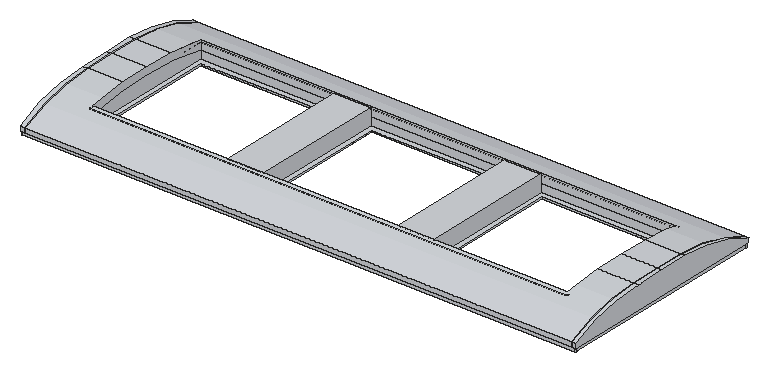
Revit family "Gira_0213808", category Electrical Fixtures, host Face, Revit 2017
Family settings
  Host = Face
  Maintain Annotation Orientation = No
  Round Connector Dimension = Use Diameter
  Part Type = Normal
  Cut with Voids When Loaded = No
  Shared = No
  Room Calculation Point = No
Parameters (values of type "Abdeckrahmen 3f Zwischenr. AN Gira Event Reinweiß")
  Werkstoffgüte = "Thermoplast"
  Werkstoff = "Kunststoff"
  URL = "http://katalog.gira.de/de_DE/datenblatt.html?artikelnr=0213808"
  Transparent = "No"
  Textfeld/Beschriftungsfläche = "No"
  Schutzart (IP) = "IP20"
  Region = "DE"
  Oberfläche = "sonstige"
  Name = "Abdeckrahmen 3f Zwischenr. AN Gira Event Reinweiß"
  Montagerichtung = "horizontal und vertikal"
  Mit Montagerahmen = "No"
  Mit Klappdeckel = "No"
  Manufacturer URL = "https://www.gira.de/"
  Keynote = "Event_Rahmen_3fach"
  HeinzeBIM = "https://bimportal.heinze.de/bim/abdeckrahmen-3f-zwischenr-an-gira-event-reinweiss/100051403ea1dda22f06609e298a632455e73f43"
  Halogenfrei = "Yes"
  HAN = "0213808"
  Geeignet für Unterputz-Installation = "Yes"
  Geeignet für Unterflurkanaldose = "No"
  Geeignet für Geräteeinbaukanal = "No"
  Geeignet für Einbauinstallation = "No"
  GTIN = "4010337070139"
  Farbe = "weiß"
  Default Elevation = 1219.2 mm
  Data sheet (1) = "https://katalog.gira.de/de_DE/download.html?artikelnr=0213808"
  Category = "Abdeckrahmen"
  Befestigungsart = "Klemmbefestigung"
  Available = "Yes"
  Anzahl der Einheiten vertikal = "3 "
  Anzahl der Einheiten horizontal = "3 "
  Anzahl der Einheiten = "3 "
Reference planes
  plane 1 "Center (Front/Back)": y = 0
  plane 2: z = 0
  plane 3 "Center (Left/Right)": x = 0
Forms (mm)
  Extrusion 1, solid, detail levels fine
    sketch origin (0, 0, 0.05) x (0, 1, 0) y (0, 0, 1)
      loop
        arc (12.445, 9.683) -> (6.223, 9.833) -> (0, 9.85) r 291.636
        arc (0, 9.85) -> (-6.223, 9.833) -> (-12.445, 9.683) r 291.636
        arc (-12.445, 9.683) -> (-29.14, 7.482) -> (-45, 1.823) r 79.728
        line (-45, 1.823) -> (-45, -0.05) -> (-42.086, -0.05)
        arc (-42.086, -0.05) -> (-21.385, 5.559) -> (0, 7.206) r 114.424
        arc (0, 7.206) -> (21.385, 5.559) -> (42.086, -0.05) r 114.424
        line (42.086, -0.05) -> (45, -0.05) -> (45, 1.823)
        arc (45, 1.823) -> (29.14, 7.482) -> (12.445, 9.683) r 79.728
    from -114.3 to 114.3
  Extrusion 2, void, detail levels fine
    sketch origin (0, 0, 0) x (1, 0, 0) y (0, 1, 0)
      loop
        line (-99.355, -28.053) -> (99.355, -28.053) -> (99.355, 28.053) -> (-99.355, 28.053) -> (-99.355, -28.053)
    from 0.724 to 11
  Extrusion 3, solid, detail levels coarse
    sketch origin (0, 0, 0) x (1, 0, 0) y (0, 1, 0)
      loop
        line (-116.3, 45) -> (-116.3, -45) -> (116.3, -45) -> (116.3, 45) -> (-116.3, 45)
    from -1.5 to 9.9
  Extrusion 4, solid, detail levels medium
    sketch origin (0, 0, 0.05) x (0, 1, 0) y (0, 0, 1)
      loop
        arc (12.445, 9.683) -> (6.223, 9.833) -> (0, 9.85) r 291.636
        arc (0, 9.85) -> (-6.223, 9.833) -> (-12.445, 9.683) r 291.636
        arc (-12.445, 9.683) -> (-29.14, 7.482) -> (-45, 1.823) r 79.728
        line (-45, 1.823) -> (-45, -0.05) -> (45, -0.05) -> (45, 1.823)
        arc (45, 1.823) -> (29.14, 7.482) -> (12.445, 9.683) r 79.728
    from -116.3 to 116.3
  Extrusion 5, solid, detail levels fine
    sketch origin (-71.3, 0, -1.5) x (0, 1, 0) y (0, 0, -1)
      loop
        line (45, -3.373) -> (45, -1.5) -> (-45, -1.5) -> (-45, -3.373)
        arc (-45, -3.373) -> (-29.14, -9.032) -> (-12.445, -11.233) r 79.728
        arc (-12.445, -11.233) -> (-6.223, -11.383) -> (0, -11.4) r 291.636
        arc (0, -11.4) -> (6.223, -11.383) -> (12.445, -11.233) r 291.636
        arc (12.445, -11.233) -> (29.14, -9.032) -> (45, -3.373) r 79.728
    from 43 to 45
  Extrusion 6, solid, detail levels fine
    sketch origin (0, 0, 0) x (1, 0, 0) y (0, 1, 0)
      loop
        line (-97.195, 25.7) -> (-97.195, -25.7) -> (-45.395, -25.7) -> (-45.395, 25.7) -> (-97.195, 25.7)
      loop
        line (25.9, -25.7) -> (25.9, 25.7) -> (-25.9, 25.7) -> (-25.9, -25.7) -> (25.9, -25.7)
      loop
        line (-100.19, 28.49) -> (-100.19, -28.495)
        spline (-100.19, -28.495) -> (-100.181, -28.625) -> (-100.156, -28.754) -> (-100.113, -28.878) -> (-100.056, -28.995) -> (-99.983, -29.104) -> (-99.897, -29.202) -> (-99.798, -29.288) -> (-99.69, -29.361) -> (-99.572, -29.419) -> (-99.448, -29.461) -> (-99.32, -29.486) -> (-99.19, -29.495)
        line (-99.19, -29.495) -> (99.195, -29.495)
        spline (99.195, -29.495) -> (99.325, -29.486) -> (99.454, -29.461) -> (99.578, -29.419) -> (99.695, -29.361) -> (99.804, -29.288) -> (99.902, -29.202) -> (99.988, -29.104) -> (100.061, -28.995) -> (100.119, -28.878) -> (100.161, -28.754) -> (100.186, -28.625) -> (100.195, -28.495)
        line (100.195, -28.495) -> (100.195, 28.49)
        spline (100.195, 28.49) -> (100.186, 28.62) -> (100.161, 28.748) -> (100.119, 28.872) -> (100.061, 28.99) -> (99.988, 29.098) -> (99.902, 29.197) -> (99.804, 29.283) -> (99.695, 29.356) -> (99.578, 29.413) -> (99.454, 29.456) -> (99.325, 29.481) -> (99.195, 29.49)
        line (99.195, 29.49) -> (-99.19, 29.49)
        spline (-99.19, 29.49) -> (-99.32, 29.481) -> (-99.448, 29.456) -> (-99.572, 29.413) -> (-99.69, 29.356) -> (-99.798, 29.283) -> (-99.897, 29.197) -> (-99.983, 29.098) -> (-100.056, 28.99) -> (-100.113, 28.872) -> (-100.156, 28.748) -> (-100.181, 28.62) -> (-100.19, 28.49)
      loop
        line (97.2, -25.7) -> (97.2, 25.7) -> (45.4, 25.7) -> (45.4, -25.7) -> (97.2, -25.7)
    from 0.1 to 7.3
  Extrusion 7, solid
    sketch origin (0, 0, 0) x (1, 0, 0) y (0, 1, 0)
      loop
        arc (-116, -44.2) -> (-115.854, -44.554) -> (-115.5, -44.7) r 0.5
        line (-115.5, -44.7) -> (115.5, -44.7)
        arc (115.5, -44.7) -> (115.854, -44.554) -> (116, -44.2) r 0.5
        line (116, -44.2) -> (116, 44.2)
        arc (116, 44.2) -> (115.854, 44.554) -> (115.5, 44.7) r 0.5
        line (115.5, 44.7) -> (-115.5, 44.7)
        arc (-115.5, 44.7) -> (-115.854, 44.554) -> (-116, 44.2) r 0.5
        line (-116, 44.2) -> (-116, -44.2)
      loop
        line (-114.3, 43) -> (-114.3, -43) -> (114.3, -43) -> (114.3, 43) -> (-114.3, 43)
    from -1.5 to 0.5
  Extrusion 8, solid, detail levels fine
    sketch origin (71.3, 0, -1.5) x (0, 1, 0) y (0, 0, 1)
      loop
        arc (45, 3.373) -> (29.14, 9.032) -> (12.445, 11.233) r 79.728
        arc (12.445, 11.233) -> (6.223, 11.383) -> (0, 11.4) r 291.636
        arc (0, 11.4) -> (-6.223, 11.383) -> (-12.445, 11.233) r 291.636
        arc (-12.445, 11.233) -> (-29.14, 9.032) -> (-45, 3.373) r 79.728
        line (-45, 3.373) -> (-45, 1.5) -> (45, 1.5) -> (45, 3.373)
    from 43 to 45
  Extrusion 9, solid, detail levels medium
    sketch origin (0, 0, 0) x (1, 0, 0) y (0, 1, 0)
      loop
        line (-116, -44.7) -> (116, -44.7) -> (116, 44.7) -> (-116, 44.7) -> (-116, -44.7)
    from -1.5 to 0.5
  Extrusion 10, solid, detail levels fine
    sketch origin (-34.207, 0, 0) x (1, 0, 0) y (0, 1, 0)
      loop
        line (-8.943, 28.063) -> (-8.943, -27.937) -> (6.057, -27.937) -> (6.057, 28.063) -> (-8.943, 28.063)
    from 0.724 to 7.566
  Extrusion 11, solid, detail levels fine
    sketch origin (34.207, 0, 0) x (-1, 0, 0) y (0, -1, 0)
      loop
        line (-8.943, -28.063) -> (6.057, -28.063) -> (6.057, 27.937) -> (-8.943, 27.937) -> (-8.943, -28.063)
    from 0.724 to 7.566
Cuts and joins
  Extrusion 2 cuts Extrusion 1
  Extrusion 2 cuts Extrusion 6
Dimensions and locks
  aligned and locked: plane 2 to host face
  aligned and locked: level to host face
